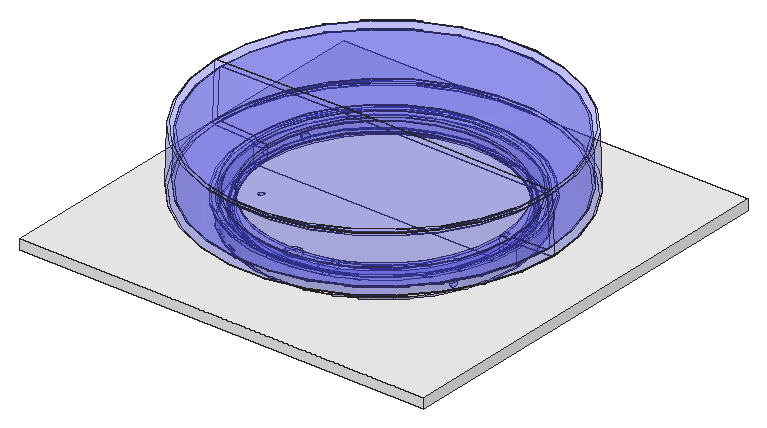
Revit family "BE_34287P_de_DE", category Leuchten, Revit 2020
Family settings
  Basisbauteil = Fläche
  Bemaßung runder Anschluss = Durchmesser verwenden
  Teiletyp = Normal
  Beim Laden mit Abzugskörper schneiden = Ja
  Lichtquelle = Ja
  Gemeinsam genutzt = Nein
  Raumberechnungspunkt = Ja
Parameters (values of type "BEGA_34287P_K3")
  built-in parameter 1150104 = 12.44 (stored number, unit not read)
  Wattage = 16.8 W
  Default Elevation = 0 mm
  built-in parameter 1150113 = 1 (stored number, unit not read)
  built-in parameter 1114218 = 1 (stored number, unit not read)
  Umgebungstemperatur = "25 °C"
  URL = "http://www.bega.de/de/produkt/34287P"
  Typenkommentare = "© 2022 BEGA. Wir behalten uns das Recht vor, technische Änderungen ohne vorherige Ankündigung vorzunehmen."  # constant formula
  built-in parameter 1150134 = 12
  built-in parameter 1150109 = 1 (stored number, unit not read)
  Strom = ""
  built-in parameter 1150110 = 1 (stored number, unit not read)
  Spannung = 239.996 V
  Sonderanfertigung = no
  Seriennummer [instance] = "Hier können Sie die eindeutige Seriennummer für das Facility Management eintragen."
  Schutzklasse = "I"
  Schutzart = "IP 44"
  Scheinlast = 0 VA
  Produktdatenblatt = "http://www.bega.de/download/Xrfa/db/34287P.db.de.pdf"
  Oberflächentemperatur = ""
  Neigungswinkel = 0.00°
  Model = "34287PK4"
  Material_17 = BEGA_Reflektor
  Material_15 = BEGA_Leuchtmedium_matt
  Material_14 = BEGA_Kunststoff_opal
  Material_11 = BEGA_Glas_opal
  Material_09 = BEGA_Glas_klar
  Material_06 = BEGA_Oberfläche_Edelstahl_gebürstet
  Material_05 = BEGA_Oberfläche_Aluminium Guss
  Material_03 = BEGA_Oberfläche_Weiss_matt
  Material_02 = BEGA_Oberfläche_Silber_matt
  Material_01 [instance] = BEGA_Oberfläche_Grafit_matt
  M_W = no
  M_G = no
  M_A = no
  Logo = 0
  built-in parameter 1114217 = 1 (stored number, unit not read)
  built-in parameter 1150139 = (empty or 0)
  built-in parameter 1150105 = 179.01 (stored number, unit not read)
  built-in parameter 1150114 = 1 (stored number, unit not read)
  Lumens = 2249.52 lm
  built-in parameter 1150115 = 1 (stored number, unit not read)
  Leuchtenlichtstrom = "1795 lm"
  Leuchtenanzahl = ""
  Lebensdauerkriterien = "L70B50 @ 25 °C = 267000 h"
  Lastklassifizierung = Beleuchtung
  built-in parameter 1150112 = 1 (stored number, unit not read)
  Lampenlichtstrom = "2125 lm"
  Lamp = "LED 16.4 W"
  LED_Modulbezeichnung = "LED-0569/940"
  Hersteller = "BEGA"  # constant formula
  Halbstreuwinkel = ""
  Gewicht = "2.7 kg"
  Gebrauchslageneinschränkung [instance] = ""
  Frequenz = "0/50-60 Hz"
  Farbwiedergabeindex = "CRI > 90"
  Farbtemperaturverschiebung bei Dämpfen der Lampe = <Keine Auswahl>
  Farbtemperatur = "4000 K"
  Color Filter = 16777215
  built-in parameter 1150133 = 10 (stored number, unit not read)
  Energieeffizienzklasse = "LED A++ - A"
  built-in parameter 1150137 = (empty or 0)
  built-in parameter 1150132 = (empty or 0)
  ENEC = ""
  Dimmbar [instance] = "DALI"
  Photometric Web File = "BE_34287PK4.IES"
  CE_Konformität = "ja"
  Bestellnummer = "34287PK4"
  Beschreibung_Sonderanfertigung = "Hier können Sie Informationen zur Sonderanfertigung eintragen."
  Beschreibung = "Decken- und Wandleuchte"
  built-in parameter 1150106 = 1.7901 (stored number, unit not read)
  Befestigungsbohrung = "Ø 5,5 mm"
  Befestigungsabstand = "200 mm"
  Ballwurfsicher = ""
  BEGA_Intern_aus = yes
  BEGA_Intern_an = yes
  BEGA_Intern_Konstruktion = yes
  BEGA_Intern = yes
  BEGA_IES = yes
  BEGA_Dummy = no
  Anschlussleitung = ""
  Anschlussleistung [instance] = "19.5 W"
  Anschlusskasten = ""
  built-in parameter 1150107 = 4000 (stored number, unit not read)
  built-in parameter 1150102 = (empty or 0)
  built-in parameter 1150138 = (empty or 0)
  Aktualisierung = "2019-07-04T04:00:11"
  Abstand_zur_angestrahlten_Fläche [instance] = ""
  AC/DC = "AC/DC"
Reference planes
  plane 1 "Mitte (Vorne/Hinten)": y = 0
  plane 2: z = 0
  plane 3 "Mitte (Links/Rechts)": x = 0
  plane 4 "Links": x = -168.948
  plane 5 "Rechts": x = 168.948
  plane 6 "Unten": y = -168.9
  plane 7 "Oben": y = 168.9
  plane 8 "Vorne": z = 85.255
  plane 9 "Hinten": z = 0
Forms (mm)
  Extrusion 1, solid, material "BEGA_Platte_Weiss"
    sketch origin (0, -1119.2, 0) x (1, 0, 0) y (0, 1, 0)
      loop
        line (-200, 1319.2) -> (-200, 919.2) -> (200, 919.2) -> (200, 1319.2) -> (-200, 1319.2)
    from 0 to -10
  Extrusion 2, solid, material "BEGA_Dummy_matt", visible <- "BEGA_Dummy"
    sketch origin (77.149, -76.023, 0) x (1, 0, 0) y (0, 1, 0)
      loop
        circle (-77.149, 76.023) r 168.948
    from 0 to 85.255
Dimensions and locks
  plane 1 "Mitte (Vorne/Hinten)" to Extrusion 1 = 200 mm
  aligned and locked: plane 2 to Extrusion 1
  aligned and locked: level to Extrusion 1
Nested families
  nested 1: "BE_34287P" at (0, 0, 0), type "BE_34287P"
Connectors
  electrical at (0, 0, 0), driven by "Lastklassifizierung", driven by "Spannung", driven by "Scheinlast"
    settings: index 1, voltage 239.996 V, apparent load 0 VA, apparent load phase1 0 VA, apparent load phase2 0 VA, apparent load phase3 0 VA, power factor 1, load classification "Beleuchtung", number of poles 1, system type 31, power factor state 1, is connector primary yes, connector utility no, sub classification motor no, connector description ""
Definition of nested family "BE_34287P"
  Parameters (values of type "BE_34287P")
    Default Elevation = 1 mm
    URL = "http://www.bega.de/de/produkt"
    Type Comments = "© 2015 BEGA. Wir behalten uns das Recht vor, technische Änderungen ohne vorherige Ankündigung vorzunehmen. "  # constant formula
    Type Image = (empty or 0)
    Neigungswinkel_um_Z2 = 0.00°
    Neigungswinkel_um_Z1 = 0.00°
    Neigungswinkel_um_Y2 = 0.00°
    Neigungswinkel_um_Y1 = 0.00°
    Neigungswinkel_um_X2 = 0.00°
    Neigungswinkel_um_X1 = 0.00°
    Material_17 = none
    Material_15 = none
    Material_14 = none
    Material_11 = none
    Material_09 = none
    Material_06 = none
    Material_05 = none
    Material_03 = none
    Material_02 = none
    Material_01 = none
    M_W = yes
    M_G = yes
    M_A = yes
    Länge_Platte = 450 mm  # constant formula
    Höhe_Platte = -10 mm  # constant formula
    Manufacturer = "BEGA"  # constant formula
    Drehwinkel_um_Z2 = 0.00°
    Drehwinkel_um_Z1 = 0.00°
    Breite_Platte = 450 mm  # constant formula
  Reference planes
    plane 1 "Mitte (Oben/Unten)": y = 0
    plane 2: z = 0
    plane 3 "Mitte (Links/Rechts)": x = 0
    plane 4: x = -168.948
    plane 5: z = 85.255
    plane 6: x = 168.948
    plane 7: y = -168.9
    plane 8: y = 168.9
  Forms (mm)
    Extrusion 1, solid, detail levels medium
      sketch origin (0, 0, 0) x (1, 0, 0) y (0, 1, 0)
        loop
          line (-225, 225) -> (-225, -225) -> (225, -225) -> (225, 225) -> (-225, 225)
      from 0 to -10 <- "Höhe_Platte"
    Revolve 2, solid, material <- "Material_03", detail levels medium+fine
      sketch origin (0, 0, 0) x (1, 0, 0) y (0, 0, 1)
        loop
          line (-131.35, 4) -> (-131.63, 20.036)
          arc (-131.63, 20.036) -> (-132.229, 21.427) -> (-133.63, 22) r 2
          line (-133.63, 22) -> (-135, 22) -> (-135, 24) -> (-133.627, 24)
          arc (-133.627, 24) -> (-130.825, 22.852) -> (-129.631, 20.07) r 4
          line (-129.631, 20.07) -> (-129.367, 4.983)
          arc (-129.367, 4.983) -> (-129.068, 4.287) -> (-128.367, 4) r 1
          line (-128.367, 4) -> (0, 4) -> (0, 1.99) -> (-129.29, 1.99)
          arc (-129.29, 1.99) -> (-130.714, 2.586) -> (-131.3, 4) r 2
        axis (0, 1.99) -> (0, 24)
      angle from 0 to 360
    Revolve 3, solid, material <- "Material_03", detail levels medium+fine
      sketch origin (0, 0, 0) x (1, 0, 0) y (0, 0, 1)
        loop
          arc (-124.759, 2.845) -> (-122.212, 0.75) -> (-119, 0) r 7.249
          line (-119, 0) -> (-119, 2.845) -> (-124.759, 2.845)
        axis (-119, 0) -> (-119, 2.845)
      angle from 0 to 360
    Revolve 4, solid, material <- "Material_03", detail levels medium+fine
      sketch origin (0, 0, 0) x (0, -1, 0) y (0, 0, 1)
        loop
          arc (-124.759, 2.845) -> (-122.212, 0.75) -> (-119, 0) r 7.249
          line (-119, 0) -> (-119, 2.845) -> (-124.759, 2.845)
        axis (-119, 0) -> (-119, 2.845)
      angle from 0 to 360
    Revolve 5, solid, material <- "Material_03", detail levels medium+fine
      sketch origin (0, 0, 0) x (0, 1, 0) y (0, 0, 1)
        loop
          arc (-124.759, 2.845) -> (-122.212, 0.75) -> (-119, 0) r 7.249
          line (-119, 0) -> (-119, 2.845) -> (-124.759, 2.845)
        axis (-119, 0) -> (-119, 2.845)
      angle from 0 to 360
    Revolve 6, solid, material <- "Material_03", detail levels medium+fine
      sketch origin (0, 0, 0) x (-1, 0, 0) y (0, 0, 1)
        loop
          arc (-124.759, 2.845) -> (-122.212, 0.75) -> (-119, 0) r 7.249
          line (-119, 0) -> (-119, 2.845) -> (-124.759, 2.845)
        axis (-119, 0) -> (-119, 2.845)
      angle from 0 to 360
    Revolve 7, solid, material <- "Material_14", detail levels medium+fine
      sketch origin (0, 0, 0) x (1, 0, 0) y (0, 0, 1)
        loop
          arc (-165.579, 83.3) -> (-166.944, 82.717) -> (-167.531, 81.353) r 2
          line (-167.531, 81.353) -> (-168.948, 27.237)
          arc (-168.948, 27.237) -> (-168.406, 25.815) -> (-167.021, 25.186) r 2
          line (-167.021, 25.186) -> (-130.472, 23.91)
          arc (-130.472, 23.91) -> (-129.762, 21.529) -> (-127.5, 20.5) r 3
          line (-127.5, 20.5) -> (-118.75, 20.5) -> (-118.75, 14.266)
          arc (-118.75, 14.266) -> (-118.957, 13.658) -> (-119.491, 13.301) r 1
          line (-119.491, 13.301) -> (-120.509, 13.029)
          arc (-120.509, 13.029) -> (-121.043, 12.671) -> (-121.25, 12.062) r 1
          line (-121.25, 12.062) -> (-121.25, 8.5) -> (-117.25, 8.5) -> (-117.25, 11.116) -> (-115.732, 11.523)
          arc (-115.732, 11.523) -> (-114.663, 12.239) -> (-114.25, 13.457) r 2
          line (-114.25, 13.457) -> (-114.25, 22.559)
          arc (-114.25, 22.559) -> (-114.448, 24.079) -> (-115.024, 25.5) r 6
          line (-115.024, 25.5) -> (-125.52, 25.5)
          arc (-125.52, 25.5) -> (-126.227, 27.799) -> (-128.395, 28.84) r 3
          line (-128.395, 28.84) -> (-161.889, 30.009)
          arc (-161.889, 30.009) -> (-163.277, 30.638) -> (-163.82, 32.062) r 2
          line (-163.82, 32.062) -> (-162.659, 76.463)
          arc (-162.659, 76.463) -> (-162.072, 77.828) -> (-160.706, 78.411) r 1.999
          arc (-160.706, 78.411) -> (-80.358, 79.793) -> (0, 80.254) r 7008.517
          line (0, 80.254) -> (0, 85.255)
          arc (0, 85.255) -> (-82.795, 84.766) -> (-165.579, 83.3) r 7013.52
        axis (0, 85.255) -> (0, 8.5)
      angle from 0 to 360
    Extrusion 8, void
      sketch origin (0, 0, 0) x (1, 0, 0) y (0, 1, 0)
        loop
          circle (93.969, 34.202) r 2.75
        loop
          circle (-93.969, -34.202) r 2.75
        loop
          circle (-17.5, -90) r 8.5
        loop
          circle (17.5, -90) r 8.5
      from 0 to 6
    Revolve 9, solid, material <- "Material_06", detail levels fine
      sketch origin (0, 0, 11) x (1, 0, 0) y (0, 1, 0)
        loop
          line (-119.997, 53.917) -> (-121.371, 50.972) -> (-114.944, 47.975) -> (-113.571, 50.92) -> (-119.997, 53.917)
        axis (-114.944, 47.975) -> (-121.371, 50.972)
      angle from 0 to 360
    Revolve 10, solid, material <- "Material_06", detail levels fine
      sketch origin (0, 0, 11) x (-0.642788, 0.766044, 0) y (-0.766044, -0.642788, 0)
        loop
          line (-119.997, -53.917) -> (-113.571, -50.92) -> (-114.944, -47.975) -> (-121.371, -50.972) -> (-119.997, -53.917)
        axis (-114.944, -47.975) -> (-121.371, -50.972)
      angle from 0 to 360
  Cuts and joins
    Extrusion 8 cuts Revolve 2
    Extrusion 8 cuts Revolve 3
    Extrusion 8 cuts Revolve 4
    Extrusion 8 cuts Revolve 5
    Extrusion 8 cuts Revolve 6
    joined: Revolve 2, Revolve 3, Revolve 4, Revolve 5, Revolve 6
  Dimensions and locks
    equal spacing: Extrusion 1 sketch curve, plane 3 "Mitte (Links/Rechts)", Extrusion 1 sketch curve
    equal spacing: Extrusion 1 sketch curve, plane 1 "Mitte (Oben/Unten)", Extrusion 1 sketch curve
    "Länge_Platte": Extrusion 1 sketch curve to Extrusion 1 sketch curve
    "Breite_Platte": Extrusion 1 sketch curve to Extrusion 1 sketch curve
    aligned and locked: Extrusion 1 to plane 2
    aligned and locked: level to Extrusion 1
  Automatic sketch dimensions
    Revolve 2 sketch curve to plane 3 "Mitte (Links/Rechts)" = 0 mm  (x2)
    level to Revolve 2 sketch curve = 4 mm  (x2)
    Revolve 2 sketch curve to Revolve 2 sketch curve = 0.933 mm
    level to Revolve 2 sketch curve = 20.036 mm
    Revolve 2 sketch curve to Revolve 2 sketch curve = 3.263 mm
    Revolve 2 sketch curve to Revolve 2 sketch curve = 1.997 mm
    Revolve 2 sketch curve to Revolve 2 sketch curve = 2 mm  (x4)
    Revolve 2 sketch curve to Revolve 2 sketch curve = 0 mm  (x9)
    Revolve 2 sketch curve to Revolve 2 sketch curve = 1.37 mm  (x2)
    level to Revolve 2 sketch curve = 1.99 mm
    Revolve 2 sketch curve to Revolve 2 sketch curve = 1 mm
    Revolve 2 sketch curve to Revolve 2 sketch curve = 0.036 mm
    Revolve 2 sketch curve to Revolve 2 sketch curve = 0.01 mm  (x2)
    Revolve 2 sketch curve to Revolve 2 sketch curve = 0.067 mm
    level to Revolve 2 sketch curve = 4.983 mm
    level to Revolve 2 sketch curve = 20.07 mm
    Revolve 2 sketch curve to Revolve 2 sketch curve = 0.05 mm
    Revolve 2 sketch curve to Revolve 2 sketch curve = 0.569 mm
    level to Revolve 3 sketch curve = 2.845 mm
    Revolve 3 sketch curve to Revolve 3 sketch curve = 5.758 mm
    Revolve 3 sketch curve to Revolve 3 sketch curve = 0 mm  (x3)
    level to Revolve 3 sketch curve = 0 mm
    Revolve 3 sketch curve to Revolve 3 sketch curve = 0.469 mm
    level to Revolve 4 sketch curve = 2.845 mm
    Revolve 4 sketch curve to Revolve 4 sketch curve = 5.758 mm
    Revolve 4 sketch curve to Revolve 4 sketch curve = 0 mm  (x3)
    level to Revolve 4 sketch curve = 0 mm
    Revolve 4 sketch curve to Revolve 4 sketch curve = 0.469 mm
    level to Revolve 5 sketch curve = 2.845 mm
    Revolve 5 sketch curve to Revolve 5 sketch curve = 5.758 mm
    Revolve 5 sketch curve to Revolve 5 sketch curve = 0 mm  (x3)
    level to Revolve 5 sketch curve = 0 mm
    Revolve 5 sketch curve to Revolve 5 sketch curve = 0.469 mm
    level to Revolve 6 sketch curve = 2.845 mm
    Revolve 6 sketch curve to Revolve 6 sketch curve = 5.758 mm
    Revolve 6 sketch curve to Revolve 6 sketch curve = 0 mm  (x3)
    level to Revolve 6 sketch curve = 0 mm
    Revolve 6 sketch curve to Revolve 6 sketch curve = 0.469 mm
    Revolve 7 sketch curve to plane 3 "Mitte (Links/Rechts)" = 0 mm  (x2)
    level to Revolve 7 sketch curve = 22.559 mm
    Revolve 7 sketch curve to Revolve 7 sketch curve = 0.774 mm
    Revolve 7 sketch curve to Revolve 7 sketch curve = 2 mm  (x2)
    Revolve 7 sketch curve to Revolve 7 sketch curve = 1 mm  (x4)
    Revolve 7 sketch curve to Revolve 7 sketch curve = 4.5 mm
    Revolve 7 sketch curve to Revolve 7 sketch curve = 0.5 mm
    Revolve 7 sketch curve to Revolve 7 sketch curve = 1.5 mm
    Revolve 7 sketch curve to Revolve 7 sketch curve = 5.269 mm
    Revolve 7 sketch curve to Revolve 7 sketch curve = 1.98 mm
    level to Revolve 7 sketch curve = 23.91 mm
    Revolve 7 sketch curve to Revolve 7 sketch curve = 1.972 mm
    Revolve 7 sketch curve to Revolve 7 sketch curve = 31.349 mm
    Revolve 7 sketch curve to Revolve 7 sketch curve = 0.068 mm
    Revolve 7 sketch curve to Revolve 7 sketch curve = 1.998 mm
    Revolve 7 sketch curve to Revolve 7 sketch curve = 1.999 mm  (x5)
    Revolve 7 sketch curve to Revolve 7 sketch curve = 2.873 mm
    Revolve 7 sketch curve to Revolve 7 sketch curve = 3.129 mm
    Revolve 7 sketch curve to Revolve 7 sketch curve = 0.072 mm
    plane 3 "Mitte (Links/Rechts)" to Revolve 7 sketch curve = 0 mm
    plane 3 "Mitte (Links/Rechts)" to Revolve 7 sketch curve = 0.003 mm
    Revolve 7 sketch curve to Revolve 7 sketch curve = 0.007 mm
    Revolve 7 sketch curve to Revolve 7 sketch curve = 2.052 mm
    Revolve 7 sketch curve to Revolve 7 sketch curve = 6.233 mm
    Revolve 7 sketch curve to Revolve 7 sketch curve = 0.001 mm
    Revolve 7 sketch curve to Revolve 7 sketch curve = 0.809 mm
    Revolve 7 sketch curve to Revolve 7 sketch curve = 2.205 mm
    Revolve 7 sketch curve to Revolve 7 sketch curve = 2.341 mm
    Revolve 7 sketch curve to Revolve 7 sketch curve = 2.616 mm
    Revolve 7 sketch curve to level = 6928.263 mm
    Revolve 7 sketch curve to Revolve 7 sketch curve = 0.002 mm
    level to Revolve 7 sketch curve = 25.186 mm
    Revolve 7 sketch curve to Revolve 7 sketch curve = 2.342 mm
    Revolve 7 sketch curve to Revolve 7 sketch curve = 2.825 mm
    Revolve 7 sketch curve to Revolve 7 sketch curve = 44.404 mm
    Revolve 7 sketch curve to Revolve 7 sketch curve = 0.051 mm
    level to Revolve 7 sketch curve = 80.254 mm
    Revolve 7 sketch curve to Revolve 7 sketch curve = 2.889 mm
    Revolve 7 sketch curve to Revolve 7 sketch curve = 5.001 mm
    Revolve 7 sketch curve to Revolve 7 sketch curve = 1.518 mm
    level to Revolve 7 sketch curve = 11.523 mm
    Revolve 7 sketch curve to Revolve 7 sketch curve = 0 mm  (x12)
    Revolve 7 sketch curve to Revolve 7 sketch curve = 0.259 mm  (x2)
    level to Revolve 7 sketch curve = 13.301 mm
    level to Revolve 7 sketch curve = 13.029 mm
    level to Revolve 7 sketch curve = 28.84 mm
    Revolve 7 sketch curve to Revolve 7 sketch curve = 0.105 mm
    Revolve 7 sketch curve to Revolve 7 sketch curve = 0.047 mm
    Revolve 7 sketch curve to Revolve 7 sketch curve = 14.999 mm
    Revolve 7 sketch curve to Revolve 7 sketch curve = 0.052 mm
    Revolve 9 sketch curve to plane 1 "Mitte (Oben/Unten)" = 53.917 mm
    Revolve 9 sketch curve to Revolve 9 sketch curve = 1.374 mm  (x2)
    Revolve 9 sketch curve to plane 1 "Mitte (Oben/Unten)" = 47.975 mm
    Revolve 9 sketch curve to Revolve 9 sketch curve = 6.426 mm
    Revolve 9 sketch curve to Revolve 9 sketch curve = 2.945 mm
    Revolve 9 sketch curve to Revolve 9 sketch curve = 1.945 mm
    Revolve 9 sketch curve to Revolve 9 sketch curve = 4.067 mm
    Revolve 9 sketch curve to Revolve 9 sketch curve = 1.896 mm
    Revolve 9 sketch curve to Revolve 9 sketch curve = 0.907 mm
    plane 1 "Mitte (Oben/Unten)" to Revolve 10 sketch curve = 60.211 mm
    Revolve 10 sketch curve to Revolve 10 sketch curve = 1.374 mm  (x2)
    Revolve 10 sketch curve to Revolve 10 sketch curve = 6.426 mm
    Revolve 10 sketch curve to Revolve 10 sketch curve = 2.946 mm
    Revolve 10 sketch curve to Revolve 10 sketch curve = 2.945 mm
    Revolve 10 sketch curve to Revolve 10 sketch curve = 1.945 mm
    Revolve 10 sketch curve to Revolve 10 sketch curve = 4.067 mm
    Revolve 10 sketch curve to Revolve 10 sketch curve = 0.907 mm
    Revolve 10 sketch curve to Revolve 10 sketch curve = 1.896 mm
    Revolve 2 sketch curve to plane 4 = 40.581 mm
    Revolve 3 sketch curve to plane 4 = 44.19 mm
    plane 4 to Revolve 7 sketch curve = 0 mm
    Revolve 7 sketch curve to plane 4 = 3.416 mm
    Revolve 9 sketch curve to plane 4 = 47.578 mm
    Revolve 6 sketch curve to plane 6 = 44.19 mm
    Revolve 10 sketch curve to plane 6 = 51.886 mm
    plane 7 to Revolve 5 sketch curve = 44.141 mm
    plane 8 to Revolve 4 sketch curve = 44.141 mm
    plane 1 "Mitte (Oben/Unten)" to Extrusion 8 sketch curve = 34.202 mm
    Extrusion 8 sketch curve to plane 4 = 74.979 mm
    Extrusion 8 sketch curve to plane 3 "Mitte (Links/Rechts)" = 17.5 mm
    plane 3 "Mitte (Links/Rechts)" to Extrusion 8 sketch curve = 17.5 mm
    Extrusion 8 sketch curve to plane 1 "Mitte (Oben/Unten)" = 34.202 mm
    Extrusion 8 sketch curve to plane 6 = 74.979 mm
    plane 7 to Extrusion 8 sketch curve = 78.9 mm
    Extrusion 8 sketch curve to Extrusion 8 sketch curve = 0 mm
    radius of Extrusion 8 sketch curve = 2.75 mm  (x2)
    radius of Extrusion 8 sketch curve = 8.5 mm  (x2)
